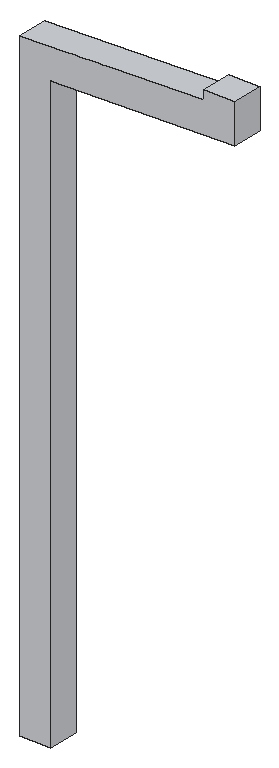
Revit family
Parameters
  offset1 [instance] = 600 mm
  height2 [instance] = 2100 mm
  height1 [instance] = 2000 mm
  dowpipe depth = 100 mm
  downpipe width = 100 mm
  angle = 2.00°
  Material = none
Reference planes
  plane 1 "Center (Front/Back)": y = 0
  plane 2: z = 0
  plane 3 "Center (Left/Right)": x = 0
  plane 4: x = 600
  plane 5: through (-69.756, 0, 1997.564) normal (0.0349, 0, -0.9994)
  plane 6: z = 2000
  plane 7: z = 2100
  plane 8: x = -50
  plane 9: x = 50
  plane 10: y = 50
  plane 11: y = -50
Forms (mm)
  Sweep 1, solid, material <- "Material"
    path origin (0, 0, 0) x (1, 0, 0) y (0, 0, 1)
      loop
        line (0, 0) -> (0, 2000) -> (600, 2020.952) -> (600, 2100)
    profile origin (0, 0, 1000) x (-1, 0, 0) y (0, -1, 0)
      loop
        line (50, 50) -> (-50, 50) -> (-50, -50) -> (50, -50) -> (50, 50)
Dimensions and locks
  "offset1": plane 4 to plane 3 "Center (Left/Right)"
  "height1": plane 6 to level
  "height2": plane 7 to level
  "downpipe width": plane 11 to plane 10
  "dowpipe depth": plane 8 to plane 9
  equal spacing: plane 8, profile plane, plane 9
  equal spacing: plane 11, plane 1 "Center (Front/Back)", plane 10
  "angle": angle plane 6 to plane 5
Automatic sketch dimensions
  Sweep 1 sketch curve to plane 3 "Center (Left/Right)" = 0 mm
  Sweep 1 sketch curve to plane 4 = 0 mm
  Sweep 1 sketch curve to level = 0 mm
  Sweep 1 sketch curve to plane 5 = 0 mm  (x2)
  Sweep 1 sketch curve to plane 7 = 0 mm
  Sweep 1 sketch curve to plane 9 = 0 mm
  Sweep 1 sketch curve to plane 8 = 0 mm
  Sweep 1 sketch curve to plane 10 = 0 mm
  Sweep 1 sketch curve to plane 11 = 0 mm
